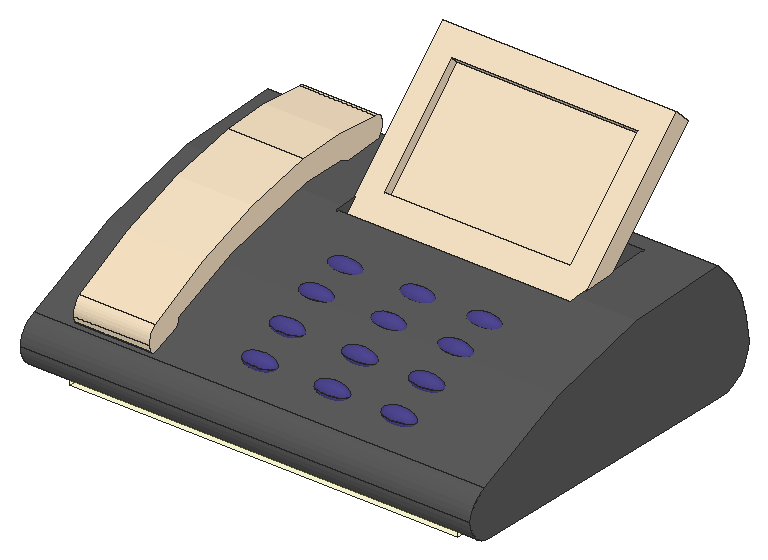
Revit family
Parameters
  폭 = 202 mm
  높이 = 106 mm
  깊이 = 156 mm
  Assembly Code = ""
Reference planes
  plane 1 "Center (Front/Back)": y = 0
  plane 2: z = 0
  plane 3 "Center (Left/Right)": x = 0
  plane 4 "left": x = -101
  plane 5 "right": x = 101
  plane 6 "front": y = -78
  plane 7 "back": y = 78
  plane 8 "top": z = 106
Forms (mm)
  Extrusion 1, solid, material "Default Light Source"
    sketch origin (-101, 0, 0) x (0, 1, 0) y (0, 0, 1)
      loop
        line (-67.232, 0) -> (62.719, 0) -> (62.719, 4.996) -> (-67.232, 4.996) -> (-67.232, 0)
    from 13.721 to 187.608
  Extrusion 2, solid, material "본체1"
    sketch origin (-101, 0, 0) x (0, 1, 0) y (0, 0, 1)
      loop
        line (-67.232, 4.996) -> (62.719, 4.996)
        arc (62.719, 4.996) -> (73.524, 9.472) -> (78, 20.277) r 15.281
        arc (78, 20.277) -> (73.559, 41.171) -> (61.004, 58.452) r 51.368
        arc (61.004, 58.452) -> (-6.69, 51.62) -> (-69.808, 26.219) r 242.06
        arc (-69.808, 26.219) -> (-75.708, 22.405) -> (-78, 15.764) r 10.768
        arc (-78, 15.764) -> (-74.846, 8.15) -> (-67.232, 4.996) r 10.768
    from 0 to 202
  Extrusion 3, void
    sketch origin (0, 0, 0) x (1, 0, 0) y (0, 1, 0)
      loop
        line (-31.199, 53.354) -> (-31.199, 12.612) -> (73.801, 12.612) -> (73.801, 53.354) -> (-31.199, 53.354)
    from 40.426 to 72.688
  Extrusion 4, solid, material "화상부"
    sketch origin (-101, 0, 0) x (0, 1, 0) y (0, 0, 1)
      loop
        line (12.612, 46.868) -> (18.868, 40.612) -> (78, 99.744) -> (71.744, 106) -> (12.612, 46.868)
    from 69.801 to 174.801
  Extrusion 5, void
    sketch origin (-101, 0, 0) x (0, 1, 0) y (0, 0, 1)
      loop
        line (26.065, 60.321) -> (28.779, 57.607) -> (66.38, 95.207) -> (63.665, 97.921) -> (26.065, 60.321)
    from 80.319 to 163.651
  Extrusion 6, solid, material "화상부"
    sketch origin (-101, 0, 0) x (0, 1, 0) y (0, 0, 1)
      loop
        arc (-70.278, 28.885) -> (-68.746, 27.807) -> (-66.875, 27.901) r 2.876
        line (-66.875, 27.901) -> (-56.246, 32.413)
        arc (-56.246, 32.413) -> (-55.227, 33.429) -> (-55.104, 34.863) r 2.095
        arc (-55.104, 34.863) -> (-55.104, 35.343) -> (-54.864, 35.758) r 0.923
        line (-54.864, 35.758) -> (-25.421, 48.256) -> (17.118, 58.862) -> (37.118, 58.862) -> (40.908, 57.095) -> (57.686, 58.563)
        arc (57.686, 58.563) -> (58.839, 60.279) -> (59.413, 62.266) r 6.68
        line (59.413, 62.266) -> (59.413, 64.92)
        arc (59.413, 64.92) -> (58.377, 67.42) -> (55.877, 68.455) r 3.536
        arc (55.877, 68.455) -> (35.877, 69.842) -> (15.877, 68.455) r 144.897
        arc (15.877, 68.455) -> (-27.324, 57.737) -> (-67.353, 38.271) r 212.913
        arc (-67.353, 38.271) -> (-70.174, 35.248) -> (-70.676, 31.144) r 6.683
        line (-70.676, 31.144) -> (-70.278, 28.885)
    from 18.3 to 52.319
  Revolve 7, solid, material "버튼"
    sketch origin (14.048, 0.949, 48.929) x (1, 0, 0) y (0, 1, 0)
      loop
        spline (-16.467, -9.741) -> (-16.761, -8.746) -> (-17.554, -7.822) -> (-18.794, -7.03) -> (-20.398, -6.424) -> (-22.26, -6.043) -> (-24.254, -5.913) -> (-26.248, -6.043) -> (-28.109, -6.424) -> (-29.713, -7.03) -> (-30.954, -7.822) -> (-31.747, -8.746) -> (-32.041, -9.741)
        line (-32.041, -9.741) -> (-16.467, -9.741)
      axis (-32.041, -9.741) -> (-16.467, -9.741)
    angle from 0 to 360
  Revolve 8, solid, material "버튼"
    sketch origin (14.048, -15.301, 45.179) x (1, 0, 0) y (0, 1, 0)
      loop
        spline (-16.467, -9.741) -> (-16.761, -8.746) -> (-17.554, -7.822) -> (-18.794, -7.03) -> (-20.398, -6.424) -> (-22.26, -6.043) -> (-24.254, -5.913) -> (-26.248, -6.043) -> (-28.109, -6.424) -> (-29.713, -7.03) -> (-30.954, -7.822) -> (-31.747, -8.746) -> (-32.041, -9.741)
        line (-32.041, -9.741) -> (-16.467, -9.741)
      axis (-32.041, -9.741) -> (-16.467, -9.741)
    angle from 0 to 360
  Revolve 9, solid, material "버튼"
    sketch origin (14.048, -31.551, 38.929) x (1, 0, 0) y (0, 1, 0)
      loop
        spline (-16.467, -9.741) -> (-16.761, -8.746) -> (-17.554, -7.822) -> (-18.794, -7.03) -> (-20.398, -6.424) -> (-22.26, -6.043) -> (-24.254, -5.913) -> (-26.248, -6.043) -> (-28.109, -6.424) -> (-29.713, -7.03) -> (-30.954, -7.822) -> (-31.747, -8.746) -> (-32.041, -9.741)
        line (-32.041, -9.741) -> (-16.467, -9.741)
      axis (-32.041, -9.741) -> (-16.467, -9.741)
    angle from 0 to 360
  Revolve 10, solid, material "버튼"
    sketch origin (14.048, -47.009, 32.054) x (1, 0, 0) y (0, 1, 0)
      loop
        spline (-16.467, -9.741) -> (-16.761, -8.746) -> (-17.554, -7.822) -> (-18.794, -7.03) -> (-20.398, -6.424) -> (-22.26, -6.043) -> (-24.254, -5.913) -> (-26.248, -6.043) -> (-28.109, -6.424) -> (-29.713, -7.03) -> (-30.954, -7.822) -> (-31.747, -8.746) -> (-32.041, -9.741)
        line (-32.041, -9.741) -> (-16.467, -9.741)
      axis (-32.041, -9.741) -> (-16.467, -9.741)
    angle from 0 to 360
  Revolve 11, solid, material "버튼"
    sketch origin (46.548, 0.949, 48.929) x (1, 0, 0) y (0, 1, 0)
      loop
        spline (-16.467, -9.741) -> (-16.761, -8.746) -> (-17.554, -7.822) -> (-18.794, -7.03) -> (-20.398, -6.424) -> (-22.26, -6.043) -> (-24.254, -5.913) -> (-26.248, -6.043) -> (-28.109, -6.424) -> (-29.713, -7.03) -> (-30.954, -7.822) -> (-31.747, -8.746) -> (-32.041, -9.741)
        line (-32.041, -9.741) -> (-16.467, -9.741)
      axis (-32.041, -9.741) -> (-16.467, -9.741)
    angle from 0 to 360
  Revolve 12, solid, material "버튼"
    sketch origin (46.548, -15.301, 45.179) x (1, 0, 0) y (0, 1, 0)
      loop
        spline (-16.467, -9.741) -> (-16.761, -8.746) -> (-17.554, -7.822) -> (-18.794, -7.03) -> (-20.398, -6.424) -> (-22.26, -6.043) -> (-24.254, -5.913) -> (-26.248, -6.043) -> (-28.109, -6.424) -> (-29.713, -7.03) -> (-30.954, -7.822) -> (-31.747, -8.746) -> (-32.041, -9.741)
        line (-32.041, -9.741) -> (-16.467, -9.741)
      axis (-32.041, -9.741) -> (-16.467, -9.741)
    angle from 0 to 360
  Revolve 13, solid, material "버튼"
    sketch origin (46.548, -31.551, 38.929) x (1, 0, 0) y (0, 1, 0)
      loop
        spline (-16.467, -9.741) -> (-16.761, -8.746) -> (-17.554, -7.822) -> (-18.794, -7.03) -> (-20.398, -6.424) -> (-22.26, -6.043) -> (-24.254, -5.913) -> (-26.248, -6.043) -> (-28.109, -6.424) -> (-29.713, -7.03) -> (-30.954, -7.822) -> (-31.747, -8.746) -> (-32.041, -9.741)
        line (-32.041, -9.741) -> (-16.467, -9.741)
      axis (-32.041, -9.741) -> (-16.467, -9.741)
    angle from 0 to 360
  Revolve 14, solid, material "버튼"
    sketch origin (46.548, -47.009, 32.054) x (1, 0, 0) y (0, 1, 0)
      loop
        spline (-16.467, -9.741) -> (-16.761, -8.746) -> (-17.554, -7.822) -> (-18.794, -7.03) -> (-20.398, -6.424) -> (-22.26, -6.043) -> (-24.254, -5.913) -> (-26.248, -6.043) -> (-28.109, -6.424) -> (-29.713, -7.03) -> (-30.954, -7.822) -> (-31.747, -8.746) -> (-32.041, -9.741)
        line (-32.041, -9.741) -> (-16.467, -9.741)
      axis (-32.041, -9.741) -> (-16.467, -9.741)
    angle from 0 to 360
  Revolve 15, solid, material "버튼"
    sketch origin (76.548, 0.949, 48.929) x (1, 0, 0) y (0, 1, 0)
      loop
        spline (-16.467, -9.741) -> (-16.761, -8.746) -> (-17.554, -7.822) -> (-18.794, -7.03) -> (-20.398, -6.424) -> (-22.26, -6.043) -> (-24.254, -5.913) -> (-26.248, -6.043) -> (-28.109, -6.424) -> (-29.713, -7.03) -> (-30.954, -7.822) -> (-31.747, -8.746) -> (-32.041, -9.741)
        line (-32.041, -9.741) -> (-16.467, -9.741)
      axis (-32.041, -9.741) -> (-16.467, -9.741)
    angle from 0 to 360
  Revolve 16, solid, material "버튼"
    sketch origin (76.548, -15.301, 45.179) x (1, 0, 0) y (0, 1, 0)
      loop
        spline (-16.467, -9.741) -> (-16.761, -8.746) -> (-17.554, -7.822) -> (-18.794, -7.03) -> (-20.398, -6.424) -> (-22.26, -6.043) -> (-24.254, -5.913) -> (-26.248, -6.043) -> (-28.109, -6.424) -> (-29.713, -7.03) -> (-30.954, -7.822) -> (-31.747, -8.746) -> (-32.041, -9.741)
        line (-32.041, -9.741) -> (-16.467, -9.741)
      axis (-32.041, -9.741) -> (-16.467, -9.741)
    angle from 0 to 360
  Revolve 17, solid, material "버튼"
    sketch origin (76.548, -31.551, 38.929) x (1, 0, 0) y (0, 1, 0)
      loop
        spline (-16.467, -9.741) -> (-16.761, -8.746) -> (-17.554, -7.822) -> (-18.794, -7.03) -> (-20.398, -6.424) -> (-22.26, -6.043) -> (-24.254, -5.913) -> (-26.248, -6.043) -> (-28.109, -6.424) -> (-29.713, -7.03) -> (-30.954, -7.822) -> (-31.747, -8.746) -> (-32.041, -9.741)
        line (-32.041, -9.741) -> (-16.467, -9.741)
      axis (-32.041, -9.741) -> (-16.467, -9.741)
    angle from 0 to 360
  Revolve 18, solid, material "버튼"
    sketch origin (76.548, -47.009, 32.054) x (1, 0, 0) y (0, 1, 0)
      loop
        spline (-16.467, -9.741) -> (-16.761, -8.746) -> (-17.554, -7.822) -> (-18.794, -7.03) -> (-20.398, -6.424) -> (-22.26, -6.043) -> (-24.254, -5.913) -> (-26.248, -6.043) -> (-28.109, -6.424) -> (-29.713, -7.03) -> (-30.954, -7.822) -> (-31.747, -8.746) -> (-32.041, -9.741)
        line (-32.041, -9.741) -> (-16.467, -9.741)
      axis (-32.041, -9.741) -> (-16.467, -9.741)
    angle from 0 to 360
Cuts and joins
  Extrusion 3 cuts Extrusion 1
  Extrusion 3, Extrusion 5 cuts Extrusion 2
  Extrusion 5 cuts Extrusion 4
Dimensions and locks
  "깊이": plane 6 "front" to plane 7 "back"
  equal spacing: plane 6 "front", plane 1 "Center (Front/Back)", plane 7 "back"
  "높이": plane 8 "top" to level
  "폭": plane 4 "left" to plane 5 "right"
  equal spacing: plane 4 "left", plane 3 "Center (Left/Right)", plane 5 "right"
  aligned and locked: Extrusion 1 sketch curve to level
  aligned and locked: plane 5 "right" to Extrusion 2
  aligned and locked: Extrusion 4 to cut or joined group of Extrusion 2, Extrusion 3, Extrusion 5  (x2)
Automatic sketch dimensions
  plane 6 "front" to Extrusion 1 sketch curve = 10.768 mm
  level to Extrusion 1 sketch curve = 4.996 mm
  plane 7 "back" to Extrusion 1 sketch curve = 15.281 mm
  Extrusion 2 sketch curve to Extrusion 2 sketch curve = 0 mm
  Extrusion 2 sketch curve to plane 6 "front" = 0 mm
  Extrusion 2 sketch curve to plane 7 "back" = 0 mm  (x2)
  plane 6 "front" to Extrusion 2 sketch curve = 8.192 mm
  plane 6 "front" to Extrusion 2 sketch curve = 10.768 mm
  Extrusion 2 sketch curve to plane 1 "Center (Front/Back)" = 26.632 mm
  plane 7 "back" to Extrusion 2 sketch curve = 26.778 mm
  plane 7 "back" to Extrusion 2 sketch curve = 16.996 mm
  Extrusion 2 sketch curve to Extrusion 2 sketch curve = 15.281 mm
  level to Extrusion 2 sketch curve = 4.996 mm
  Extrusion 4 sketch curve to plane 8 "top" = 0 mm
  Extrusion 4 sketch curve to plane 7 "back" = 0 mm
  Extrusion 4 sketch curve to plane 1 "Center (Front/Back)" = 18.868 mm
  Extrusion 4 sketch curve to Extrusion 4 sketch curve = 6.256 mm  (x2)
  Extrusion 5 sketch curve to plane 1 "Center (Front/Back)" = 26.065 mm
  Extrusion 5 sketch curve to Extrusion 5 sketch curve = 2.714 mm  (x2)
  plane 7 "back" to Extrusion 5 sketch curve = 14.335 mm
  Extrusion 5 sketch curve to plane 8 "top" = 48.393 mm
  plane 6 "front" to Extrusion 6 sketch curve = 7.324 mm
  Extrusion 6 sketch curve to Extrusion 6 sketch curve = 0.398 mm
  Extrusion 6 sketch curve to Extrusion 6 sketch curve = 2.729 mm
  Extrusion 6 sketch curve to Extrusion 6 sketch curve = 0.595 mm
  Extrusion 6 sketch curve to Extrusion 6 sketch curve = 1.072 mm
  Extrusion 6 sketch curve to Extrusion 6 sketch curve = 3.831 mm
  Extrusion 6 sketch curve to Extrusion 6 sketch curve = 6.991 mm
  Extrusion 6 sketch curve to Extrusion 6 sketch curve = 0.88 mm
  Extrusion 6 sketch curve to Extrusion 6 sketch curve = 2.022 mm
  Extrusion 6 sketch curve to Extrusion 6 sketch curve = 0 mm  (x2)
  Extrusion 6 sketch curve to Extrusion 6 sketch curve = 0.24 mm
  Extrusion 6 sketch curve to Extrusion 6 sketch curve = 0.891 mm
  plane 1 "Center (Front/Back)" to Extrusion 6 sketch curve = 25.421 mm
  Extrusion 6 sketch curve to plane 1 "Center (Front/Back)" = 15.877 mm
  Extrusion 6 sketch curve to Extrusion 6 sketch curve = 1.241 mm
  Extrusion 6 sketch curve to plane 1 "Center (Front/Back)" = 35.877 mm
  Extrusion 6 sketch curve to Extrusion 6 sketch curve = 20 mm
  Extrusion 6 sketch curve to Extrusion 6 sketch curve = 3.79 mm
  plane 7 "back" to Extrusion 6 sketch curve = 32.735 mm
  Extrusion 6 sketch curve to Extrusion 6 sketch curve = 11.877 mm
  Extrusion 6 sketch curve to Extrusion 6 sketch curve = 3.092 mm
  Extrusion 6 sketch curve to Extrusion 6 sketch curve = 1.809 mm
  Extrusion 6 sketch curve to level = 142.42 mm
  Extrusion 6 sketch curve to Extrusion 6 sketch curve = 67.365 mm
  Extrusion 6 sketch curve to Extrusion 6 sketch curve = 10.37 mm
  Extrusion 6 sketch curve to Extrusion 6 sketch curve = 0.984 mm
  Extrusion 6 sketch curve to Extrusion 6 sketch curve = 2.259 mm
  Extrusion 6 sketch curve to Extrusion 6 sketch curve = 0.01 mm
  Extrusion 6 sketch curve to Extrusion 6 sketch curve = 1.901 mm
  Extrusion 6 sketch curve to Extrusion 6 sketch curve = 13.152 mm
  Extrusion 6 sketch curve to Extrusion 6 sketch curve = 7.825 mm
  Extrusion 6 sketch curve to Extrusion 6 sketch curve = 6.357 mm
  Extrusion 6 sketch curve to Extrusion 6 sketch curve = 1.767 mm
  Extrusion 6 sketch curve to Extrusion 6 sketch curve = 2.654 mm
  Extrusion 6 sketch curve to Extrusion 6 sketch curve = 1.727 mm
  Extrusion 3 sketch curve to plane 1 "Center (Front/Back)" = 12.612 mm
  Extrusion 3 sketch curve to plane 3 "Center (Left/Right)" = 31.199 mm
  Extrusion 3 sketch curve to plane 5 "right" = 27.199 mm
  plane 7 "back" to Extrusion 3 sketch curve = 24.646 mm
  Revolve 7 sketch curve to plane 3 "Center (Left/Right)" = 17.994 mm
  Revolve 7 sketch curve to Revolve 7 sketch curve = 0.001 mm
  Revolve 7 sketch curve to Revolve 7 sketch curve = 0 mm  (x2)
  Revolve 7 sketch curve to plane 3 "Center (Left/Right)" = 10.206 mm
  Revolve 7 sketch curve to Revolve 7 sketch curve = 6.802 mm
  plane 1 "Center (Front/Back)" to Revolve 7 sketch curve = 8.858 mm
  Revolve 7 sketch curve to Revolve 7 sketch curve = 0.067 mm
  Revolve 8 sketch curve to plane 3 "Center (Left/Right)" = 17.994 mm
  Revolve 8 sketch curve to Revolve 8 sketch curve = 0.001 mm
  Revolve 8 sketch curve to Revolve 8 sketch curve = 0 mm  (x2)
  Revolve 8 sketch curve to plane 3 "Center (Left/Right)" = 10.206 mm
  Revolve 8 sketch curve to Revolve 8 sketch curve = 6.802 mm
  plane 1 "Center (Front/Back)" to Revolve 8 sketch curve = 25.108 mm
  Revolve 8 sketch curve to Revolve 8 sketch curve = 0.067 mm
  Revolve 9 sketch curve to plane 3 "Center (Left/Right)" = 17.994 mm
  Revolve 9 sketch curve to Revolve 9 sketch curve = 0.001 mm
  Revolve 9 sketch curve to Revolve 9 sketch curve = 0 mm  (x2)
  Revolve 9 sketch curve to plane 3 "Center (Left/Right)" = 10.206 mm
  Revolve 9 sketch curve to Revolve 9 sketch curve = 6.802 mm
  plane 6 "front" to Revolve 9 sketch curve = 36.642 mm
  Revolve 9 sketch curve to Revolve 9 sketch curve = 0.067 mm
  Revolve 10 sketch curve to plane 3 "Center (Left/Right)" = 17.994 mm
  Revolve 10 sketch curve to Revolve 10 sketch curve = 0.001 mm
  Revolve 10 sketch curve to Revolve 10 sketch curve = 0 mm  (x2)
  Revolve 10 sketch curve to plane 3 "Center (Left/Right)" = 10.206 mm
  Revolve 10 sketch curve to Revolve 10 sketch curve = 6.802 mm
  plane 6 "front" to Revolve 10 sketch curve = 21.184 mm
  Revolve 10 sketch curve to Revolve 10 sketch curve = 0.067 mm
  plane 1 "Center (Front/Back)" to Revolve 11 sketch curve = 8.858 mm
  plane 3 "Center (Left/Right)" to Revolve 11 sketch curve = 14.506 mm
  Revolve 11 sketch curve to Revolve 11 sketch curve = 0.001 mm
  Revolve 11 sketch curve to Revolve 11 sketch curve = 0 mm  (x2)
  Revolve 11 sketch curve to Revolve 11 sketch curve = 7.787 mm
  Revolve 11 sketch curve to Revolve 11 sketch curve = 6.802 mm
  Revolve 11 sketch curve to Revolve 11 sketch curve = 0.067 mm
  plane 3 "Center (Left/Right)" to Revolve 12 sketch curve = 14.506 mm
  Revolve 12 sketch curve to Revolve 12 sketch curve = 0.001 mm
  Revolve 12 sketch curve to Revolve 12 sketch curve = 0 mm  (x2)
  Revolve 12 sketch curve to Revolve 12 sketch curve = 7.787 mm
  Revolve 12 sketch curve to Revolve 12 sketch curve = 6.802 mm
  plane 1 "Center (Front/Back)" to Revolve 12 sketch curve = 25.108 mm
  Revolve 12 sketch curve to Revolve 12 sketch curve = 0.067 mm
  plane 3 "Center (Left/Right)" to Revolve 13 sketch curve = 14.506 mm
  Revolve 13 sketch curve to Revolve 13 sketch curve = 0.001 mm
  Revolve 13 sketch curve to Revolve 13 sketch curve = 0 mm  (x2)
  Revolve 13 sketch curve to Revolve 13 sketch curve = 7.787 mm
  Revolve 13 sketch curve to Revolve 13 sketch curve = 6.802 mm
  plane 6 "front" to Revolve 13 sketch curve = 36.642 mm
  Revolve 13 sketch curve to Revolve 13 sketch curve = 0.067 mm
  plane 3 "Center (Left/Right)" to Revolve 14 sketch curve = 14.506 mm
  Revolve 14 sketch curve to Revolve 14 sketch curve = 0.001 mm
  Revolve 14 sketch curve to Revolve 14 sketch curve = 0 mm  (x2)
  Revolve 14 sketch curve to Revolve 14 sketch curve = 7.787 mm
  Revolve 14 sketch curve to Revolve 14 sketch curve = 6.802 mm
  plane 6 "front" to Revolve 14 sketch curve = 21.184 mm
  Revolve 14 sketch curve to Revolve 14 sketch curve = 0.067 mm
  plane 1 "Center (Front/Back)" to Revolve 15 sketch curve = 8.858 mm
  plane 3 "Center (Left/Right)" to Revolve 15 sketch curve = 44.506 mm
  Revolve 15 sketch curve to Revolve 15 sketch curve = 0.001 mm
  Revolve 15 sketch curve to Revolve 15 sketch curve = 0 mm  (x2)
  Revolve 15 sketch curve to Revolve 15 sketch curve = 7.787 mm
  Revolve 15 sketch curve to Revolve 15 sketch curve = 6.802 mm
  Revolve 15 sketch curve to Revolve 15 sketch curve = 0.067 mm
  plane 1 "Center (Front/Back)" to Revolve 16 sketch curve = 25.108 mm
  plane 3 "Center (Left/Right)" to Revolve 16 sketch curve = 44.506 mm
  Revolve 16 sketch curve to Revolve 16 sketch curve = 0.001 mm
  Revolve 16 sketch curve to Revolve 16 sketch curve = 0 mm  (x2)
  Revolve 16 sketch curve to Revolve 16 sketch curve = 7.787 mm
  Revolve 16 sketch curve to Revolve 16 sketch curve = 6.802 mm
  Revolve 16 sketch curve to Revolve 16 sketch curve = 0.067 mm
  plane 3 "Center (Left/Right)" to Revolve 17 sketch curve = 44.506 mm
  Revolve 17 sketch curve to Revolve 17 sketch curve = 0.001 mm
  Revolve 17 sketch curve to Revolve 17 sketch curve = 0 mm  (x2)
  Revolve 17 sketch curve to Revolve 17 sketch curve = 7.787 mm
  Revolve 17 sketch curve to Revolve 17 sketch curve = 6.802 mm
  plane 6 "front" to Revolve 17 sketch curve = 36.642 mm
  Revolve 17 sketch curve to Revolve 17 sketch curve = 0.067 mm
  plane 6 "front" to Revolve 18 sketch curve = 21.184 mm
  plane 3 "Center (Left/Right)" to Revolve 18 sketch curve = 44.506 mm
  Revolve 18 sketch curve to Revolve 18 sketch curve = 0.001 mm
  Revolve 18 sketch curve to Revolve 18 sketch curve = 0 mm  (x2)
  Revolve 18 sketch curve to Revolve 18 sketch curve = 7.787 mm
  Revolve 18 sketch curve to Revolve 18 sketch curve = 6.802 mm
  Revolve 18 sketch curve to Revolve 18 sketch curve = 0.067 mm
